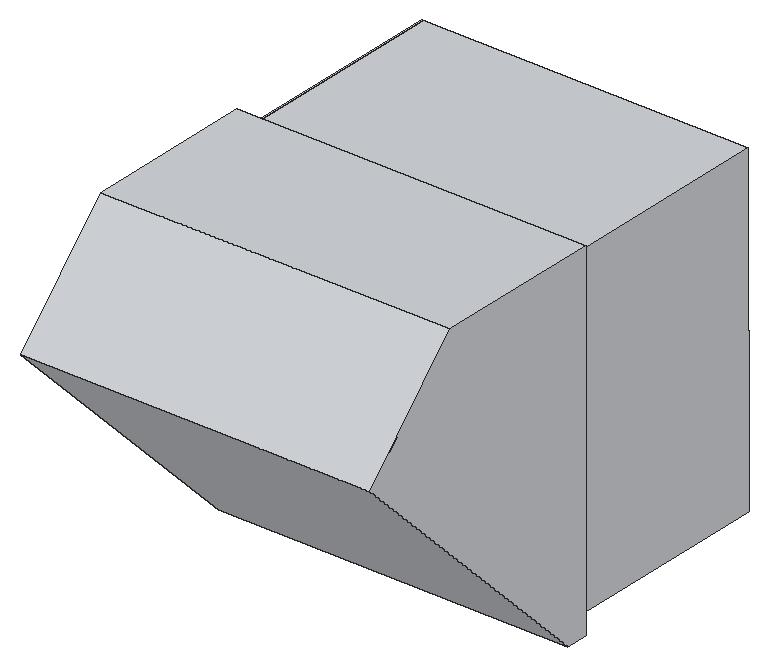
Revit family "APD_SUPPLY", category Mechanical Equipment, Revit 2019
Family settings
  Round Connector Dimension = Use Diameter
  Part Type = Normal
  Work Plane-Based = No
  Always vertical = Yes
  Cut with Voids When Loaded = No
  Shared = No
  Room Calculation Point = No
Parameters (values of type "36_APD_SUPPLY")
  WO_PAC = B_PAC + 0' 0 1/4"  # 3' - 7 1/4"
  WH_C = 4' - 1"
  WH_B/2 = WH_B / 2  # 1' - 11"
  WH_B = 3' - 10"
  WH_A = 2' - 11 11/16"
  WEATHER_HOOD [instance] = yes
  Unit Weight [instance] = ""
  Sones [instance] = ""
  SIZE/2 = SIZE / 2  # 1' - 6"
  SIZE = 3' - 0"
  Motor RPM [instance] = ""
  Motor Enclosure [instance] = ""
  ModelID [instance] = ""
  LwA [instance] = ""
  Fan RPM [instance] = ""
  D_PAC/2 = C + 0' 1"  # 0' - 8 3/8"
  D_PAC = 2' - 4 1/2"
  D/2 = D / 2  # 0' - 1 1/2"
  D = 0' - 3"
  C_PAC/2 = C_PAC / 2  # 1' - 7 3/4"
  C_PAC = 3' - 3 1/2"
  C/2 = C / 2  # 0' - 3 11/16"
  C = 0' - 7 3/8"
  B_PAC/2 = B_PAC / 2  # 1' - 9 1/2"
  B_PAC = 3' - 7"
  B/2 = B / 2  # 0' - 11"
  B = 1' - 10"
  Accessories [instance] = ""
  A_PAC/2 = A_PAC / 2  # 1' - 10 3/4"
  A_PAC = 3' - 9 1/2"
  A/7 = A / 7  # 0' - 6.02679"
  A/3.5 = A / 3.5  # 1' - 0.05357"
  A/2 = A / 2  # 1' - 9 3/32"
  A = 3' - 6 3/16"
  90 = 90.00°  # constant formula
  9" = 0' - 9"  # constant formula
  3" = 0' - 3"  # constant formula
  Brake Hp [instance] = ""
  4" = 0' - 4"  # constant formula
  2' = 2' - 0"
  2" = 0' - 2"  # constant formula
  135 = 135.00°  # constant formula
  1" = 0' - 1"  # constant formula
  0 = 0' - 0"  # constant formula
  Voltage [instance] = 0 V
  URL = "www.lorencook.com"
  Type Comments = "Axia-Pac Wall Supply Fan Cast Aluminum Propeller Direct Drive"  # constant formula
  Static Pressure [instance] = 0.00 in-wg
  Power [instance] = Voltage * Motor FLA * sqrt(if(Phase = 3, 3, 1))  # 0 VA
  Phase [instance] = 0
  Number of Poles [instance] = 1
  Motor Hp [instance] = "0"
  Motor FLA [instance] = 0 A
  Model = "APD-Supply"  # constant formula
  Manufacturer = "Loren Cook Company"
  CFM [instance] = 0 CFM
  1.5 = 0' - 1 1/2"  # constant formula
  HALF = 0' - 0 1/2"  # constant formula
  ONE EIGTH = 0' - 0 1/8"  # constant formula
  -WH_B/2 = -WH_B / 2  # -1' - 11"
  -D_PAC/2 = -D_PAC + 0' 1" + C  # -1' - 8 1/8"
  -D = -D  # -0' - 3"
  -C/2 = -C / 2  # -0' - 3 11/16"
  -B+1" = -B + 0' 1"  # -1' - 9"
  -B = -B  # -1' - 10"
  -((SIZE/2)-.25") = -((SIZE / 2) - 0' 0 1/4")  # -1' - 5 3/4"
  -((A/2)-C-.5") = -((A / 2) - C - 0' 0 1/2")  # -1' - 1 7/32"
  (SIZE/2)-.25" = (SIZE / 2) - 0' 0 1/4"  # 1' - 5 3/4"
  (A/2)-C-.5" = (A / 2) - C - 0' 0 1/2"  # 1' - 1 7/32"
  (A/2)-1" = (A / 2) - 0' 0 1/4"  # 1' - 8 27/32"
Types (7): name | WO_PAC | WH_C | WH_B/2 | WH_B | WH_A | SIZE/2 | SIZE | D_PAC/2 | D_PAC | D/2 | D | C_PAC/2 | C_PAC | C/2 | C | B_PAC/2 | B_PAC | B/2 | B | A_PAC/2 | A_PAC | A/7 | A/3.5 | A/2 | A | -WH_B/2 | -D_PAC/2 | -D | -C/2 | -B+1" | -B | -((SIZE/2)-.25") | -((A/2)-C-.5") | (SIZE/2)-.25" | (A/2)-C-.5" | (A/2)-1"
  (no name) | 3' - 7 1/4" | 4' - 1" | 1' - 11" | 3' - 10" | 2' - 11 11/16" | 1' - 6" | 3' - 0" | 0' - 8 3/8" | 2' - 4 1/2" | 0' - 1 1/2" | 0' - 3" | 1' - 7 3/4" | 3' - 3 1/2" | 0' - 3 11/16" | 0' - 7 3/8" | 1' - 9 1/2" | 3' - 7" | 0' - 11" | 1' - 10" | 1' - 10 3/4" | 3' - 9 1/2" | 0' - 6.02679" | 1' - 0.05357" | 1' - 9 3/32" | 3' - 6 3/16" | -1' - 11" | -1' - 8 1/8" | -0' - 3" | -0' - 3 11/16" | -1' - 9" | -1' - 10" | -1' - 5 3/4" | -1' - 1 7/32" | 1' - 5 3/4" | 1' - 1 7/32" | 1' - 8 27/32"
  12_APD_SUPPLY | 1' - 5 1/4" | 2' - 1" | 0' - 11" | 1' - 10" | 1' - 6 11/16" | 0' - 6" | 1' - 0" | 0' - 4 1/4" | 1' - 5 3/4" | 0' - 1" | 0' - 2" | 0' - 7" | 1' - 2" | 0' - 1 5/8" | 0' - 3 1/4" | 0' - 8 1/2" | 1' - 5" | 0' - 7 11/16" | 1' - 3 3/8" | 0' - 9 3/4" | 1' - 7 1/2" | 0' - 2 5/16" | 0' - 4 5/8" | 0' - 8 3/32" | 1' - 4 3/16" | -0' - 11" | -1' - 1 1/2" | -0' - 2" | -0' - 1 5/8" | -1' - 2 3/8" | -1' - 3 3/8" | -0' - 5 3/4" | -0' - 4 11/32" | 0' - 5 3/4" | 0' - 4 11/32" | 0' - 7 27/32"
  16_APD_SUPPLY | 1' - 9 1/4" | 2' - 5" | 1' - 1" | 2' - 2" | 1' - 9 11/16" | 0' - 8" | 1' - 4" | 0' - 5 1/2" | 1' - 10 1/8" | 0' - 1" | 0' - 2" | 0' - 9" | 1' - 6" | 0' - 2 1/4" | 0' - 4 1/2" | 0' - 10 1/2" | 1' - 9" | 0' - 7 1/16" | 1' - 2 1/8" | 0' - 11 3/4" | 1' - 11 1/2" | 0' - 2.88393" | 0' - 5.76786" | 0' - 10 3/32" | 1' - 8 3/16" | -1' - 1" | -1' - 4 5/8" | -0' - 2" | -0' - 2 1/4" | -1' - 1 1/8" | -1' - 2 1/8" | -0' - 7 3/4" | -0' - 5 3/32" | 0' - 7 3/4" | 0' - 5 3/32" | 0' - 9 27/32"
  20_APD_SUPPLY | 2' - 1 1/4" | 2' - 9" | 1' - 3" | 2' - 6" | 2' - 0 3/8" | 0' - 10" | 1' - 8" | 0' - 6 1/4" | 1' - 11 1/8" | 0' - 1" | 0' - 2" | 0' - 11" | 1' - 10" | 0' - 2 5/8" | 0' - 5 1/4" | 1' - 0 1/2" | 2' - 1" | 0' - 7 1/16" | 1' - 2 1/8" | 1' - 1 3/4" | 2' - 3 1/2" | 0' - 3.45536" | 0' - 6.91071" | 1' - 0 3/32" | 2' - 0 3/16" | -1' - 3" | -1' - 4 7/8" | -0' - 2" | -0' - 2 5/8" | -1' - 1 1/8" | -1' - 2 1/8" | -0' - 9 3/4" | -0' - 6 11/32" | 0' - 9 3/4" | 0' - 6 11/32" | 0' - 11 27/32"
  24_APD_SUPPLY | 2' - 7 1/4" | 3' - 1" | 1' - 5" | 2' - 10" | 2' - 3 1/8" | 1' - 0" | 2' - 0" | 0' - 7 3/4" | 1' - 11 1/8" | 0' - 1" | 0' - 2" | 1' - 1 3/4" | 2' - 3 1/2" | 0' - 3 3/8" | 0' - 6 3/4" | 1' - 3 1/2" | 2' - 7" | 0' - 7 5/16" | 1' - 2 5/8" | 1' - 4 3/4" | 2' - 9 1/2" | 0' - 4 5/16" | 0' - 8 5/8" | 1' - 3 3/32" | 2' - 6 3/16" | -1' - 5" | -1' - 3 3/8" | -0' - 2" | -0' - 3 3/8" | -1' - 1 5/8" | -1' - 2 5/8" | -0' - 11 3/4" | -0' - 7 27/32" | 0' - 11 3/4" | 0' - 7 27/32" | 1' - 2 27/32"
  30_APD_SUPPLY | 3' - 1 1/4" | 3' - 7" | 1' - 8" | 3' - 4" | 2' - 7 7/16" | 1' - 3" | 2' - 6" | 0' - 7 3/4" | 2' - 0 1/2" | 0' - 1 1/2" | 0' - 3" | 1' - 4 3/4" | 2' - 9 1/2" | 0' - 3 3/8" | 0' - 6 3/4" | 1' - 6 1/2" | 3' - 1" | 0' - 7 5/16" | 1' - 2 5/8" | 1' - 7 3/4" | 3' - 3 1/2" | 0' - 5.16964" | 0' - 10.33929" | 1' - 6 3/32" | 3' - 0 3/16" | -1' - 8" | -1' - 4 3/4" | -0' - 3" | -0' - 3 3/8" | -1' - 1 5/8" | -1' - 2 5/8" | -1' - 2 3/4" | -0' - 10 27/32" | 1' - 2 3/4" | 0' - 10 27/32" | 1' - 5 27/32"
  36_APD_SUPPLY | 3' - 7 1/4" | 4' - 1" | 1' - 11" | 3' - 10" | 2' - 11 11/16" | 1' - 6" | 3' - 0" | 0' - 8 3/8" | 2' - 4 1/2" | 0' - 1 1/2" | 0' - 3" | 1' - 7 3/4" | 3' - 3 1/2" | 0' - 3 11/16" | 0' - 7 3/8" | 1' - 9 1/2" | 3' - 7" | 0' - 11" | 1' - 10" | 1' - 10 3/4" | 3' - 9 1/2" | 0' - 6.02679" | 1' - 0.05357" | 1' - 9 3/32" | 3' - 6 3/16" | -1' - 11" | -1' - 8 1/8" | -0' - 3" | -0' - 3 11/16" | -1' - 9" | -1' - 10" | -1' - 5 3/4" | -1' - 1 7/32" | 1' - 5 3/4" | 1' - 1 7/32" | 1' - 8 27/32"
Reference planes (in)
  plane 1 "Center (Front/Back)": y = 0
  plane 2: z = 0
  plane 3 "Center (Left/Right)": x = 0.40541
Forms (in)
  Revolve 1, solid
    sketch origin (0.40541, 0, 0) x (0, 1, 0) y (0, 0, 1)
      loop
        line (-4.6875, 3.6875) -> (-4.6875, 0) -> (-3.6875, 0) -> (-3.6875, 3.6875) -> (-4.6875, 3.6875)
      axis (-4.6875, 0) -> (-3.6875, 0)
    angle from 0 to 360
  Extrusion 2, solid
    sketch origin (0.40541, 0, 0) x (0, 1, 0) y (0, 0, 1)
      loop
        line (0, -3.6875) -> (-7.375, 3.6875) -> (-7.46339, 3.59911) -> (-0.08839, -3.77589) -> (0, -3.6875)
    from 30 to 3.6875 <- "C/2"
  Extrusion 3, solid
    sketch origin (0.40541, 0, 0) x (0, 1, 0) y (-1, 0, 0)
      loop
        line (0, -3.6875) -> (-7.375, 3.6875) -> (-7.46339, 3.59911) -> (-0.08839, -3.77589) -> (0, -3.6875)
    from 30 to 3.6875 <- "C/2"
  Extrusion 4, solid
    sketch origin (0.40541, 0, 0) x (0, 1, 0) y (0, 0, -1)
      loop
        line (0, -3.6875) -> (-7.375, 3.6875) -> (-7.46339, 3.59911) -> (-0.08839, -3.77589) -> (0, -3.6875)
    from 30 to 3.6875 <- "C/2"
  Extrusion 5, solid
    sketch origin (0.40541, 0, 0) x (1, 0, 0) y (0, 1, 0)
      loop
        line (-3.6875, 0) -> (-3.77589, -0.08839) -> (3.59911, -7.46339) -> (3.6875, -7.375) -> (-3.6875, 0)
    from -30 to -3.6875 <- "-C/2"
  Extrusion 6, void
    sketch origin (0, 0, 0) x (1, 0, 0) y (0, 0, 1)
      loop
        circle (0.40541, 0) r 17.75
      loop
        circle (0.40541, 0) r 40
    from 0 to 9 <- "9""
  Extrusion 7, solid
    sketch origin (0, 0, 0) x (1, 0, 0) y (0, 0, 1)
      loop
        line (-20.68834, 21.09375) -> (-20.68834, -21.09375) -> (21.49916, -21.09375) -> (21.49916, 21.09375) -> (-20.68834, 21.09375)
      loop
        circle (0.40541, 0) r 20.84375
    from 0 to -0.125
  Extrusion 8, solid
    sketch origin (0, 0, 0) x (1, 0, 0) y (0, 0, 1)
      loop
        line (-20.68834, 21.09375) -> (-20.68834, -21.09375) -> (21.49916, -21.09375) -> (21.49916, 21.09375) -> (-20.68834, 21.09375)
      loop
        line (21.37416, -20.96875) -> (21.37416, 20.96875) -> (-20.56334, 20.96875) -> (-20.56334, -20.96875) -> (21.37416, -20.96875)
    from 0 to -3 <- "-D"
  Extrusion 9, solid
    sketch origin (0, 0, 0) x (1, 0, 0) y (0, 0, 1)
      loop
        circle (0.40541, 0) r 6.02679
    from 0 to -21 <- "-B+1""
  Extrusion 10, solid
    sketch origin (0, 0, 0) x (1, 0, 0) y (0, 0, 1)
      loop
        line (-11.64816, -6.02679) -> (-11.64816, -7.52679) -> (12.45898, -7.52679) -> (12.45898, -6.02679) -> (-11.64816, -6.02679)
    from 0 to -22 <- "-B"
  Sweep 11, solid
    path origin (0.40541, 0, 0) x (0, 1, 0) y (0, 0, 1)
      loop
        line (0.125, 19.96875) -> (17, 19.96875)
        arc (17, 19.96875) -> (19.12132, 19.09007) -> (20, 16.96875) r 3
        line (20, 16.96875) -> (20, -16.96875)
        arc (20, -16.96875) -> (19.12132, -19.09007) -> (17, -19.96875) r 3
        line (17, -19.96875) -> (0.125, -19.96875)
    profile origin (0.40541, 8.5625, 19.96875) x (0, 0, 1) y (1, 0, 0)
      loop
        circle (0, -12.55357) r 0.5
      loop
        circle (0, 12.55357) r 0.5
  Revolve 12, solid
    sketch origin (0.40541, 0, 0) x (0, 1, 0) y (0, 0, 1)
      loop
        line (0, 20.84375) -> (-7.375, 18) -> (0, 18) -> (0, 20.84375)
      axis (-7.375, 0) -> (0, 0)
    angle from 0 to 360
  Extrusion 13, solid
    sketch origin (0, 0, 0) x (1, 0, 0) y (0, 0, 1)
      loop
        line (-20.96959, 21.375) -> (-20.96959, -21.375) -> (21.78041, -21.375) -> (21.78041, 21.375) -> (-20.96959, 21.375)
      loop
        line (21.90541, -21.5) -> (21.90541, 21.5) -> (-21.09459, 21.5) -> (-21.09459, -21.5) -> (21.90541, -21.5)
    from -20.125 <- "-D_PAC/2" to 8.375 <- "D_PAC/2"
  Extrusion 14, solid
    sketch origin (0, -8.375, 0) x (1, 0, 0) y (0, 0, 1)
      loop
        line (-19.34459, 19.75) -> (-19.34459, -19.75) -> (20.15541, -19.75) -> (20.15541, 19.75) -> (-19.34459, 19.75)
      loop
        line (23.15541, -22.75) -> (23.15541, 22.75) -> (-22.34459, 22.75) -> (-22.34459, -22.75) -> (23.15541, -22.75)
    from 0 to 0.125
  Extrusion 15, solid
    sketch origin (0, -8.5, 0) x (1, 0, 0) y (0, 0, 1)
      loop
        line (-17.34459, 17.75) -> (-17.34459, -17.75) -> (18.15541, -17.75) -> (18.15541, 17.75) -> (-17.34459, 17.75)
      loop
        line (20.15541, -19.75) -> (20.15541, 19.75) -> (-19.34459, 19.75) -> (-19.34459, -19.75) -> (20.15541, -19.75)
    from 0 to 2
  Extrusion 16, solid, visible <- "WEATHER_HOOD"
    sketch origin (0.40541, 0, 0) x (0, 1, 0) y (0, 0, 1)
      loop
        line (-8.5, -23) -> (-8.5, 23) -> (-30.875, 23) -> (-44.1875, 9.6875) -> (-11.5, -23) -> (-8.5, -23)
    from -23 <- "-WH_B/2" to 23 <- "WH_B/2"
Cuts and joins
  Extrusion 6 cuts Revolve 1
  Extrusion 6 cuts Extrusion 2
  Extrusion 6 cuts Extrusion 3
  Extrusion 6 cuts Extrusion 4
  Extrusion 6 cuts Extrusion 5
Dimensions and locks (in)
  "0": Revolve 1 sketch curve to level  (x2)
  "C/2": Revolve 1 sketch curve to level
  "C/2": plane 1 "Center (Front/Back)" to Revolve 1 sketch curve
  "1"": Revolve 1 sketch curve to Revolve 1 sketch curve
  "0": Extrusion 2 sketch curve to plane 1 "Center (Front/Back)"
  "C": plane 1 "Center (Front/Back)" to Extrusion 2 sketch curve
  "C/2": Extrusion 2 sketch curve to level
  "C/2": level to Extrusion 2 sketch curve
  "ONE EIGTH": Extrusion 2 sketch curve to Extrusion 2 sketch curve
  "ONE EIGTH": Extrusion 3 sketch curve to Extrusion 3 sketch curve
  "ONE EIGTH": Extrusion 4 sketch curve to Extrusion 4 sketch curve
  "ONE EIGTH": Extrusion 5 sketch curve to Extrusion 5 sketch curve
  Extrusion 6 sketch curve to plane 3 "Center (Left/Right)" = 0' - 0"  (x2)
  level to Extrusion 6 sketch curve = 0' - 0"
  Extrusion 6 sketch curve to level = 0' - 0"
  "0": Extrusion 3 sketch curve to plane 1 "Center (Front/Back)"
  "C": Extrusion 3 sketch curve to plane 1 "Center (Front/Back)"
  "C/2": plane 3 "Center (Left/Right)" to Extrusion 3 sketch curve
  "C/2": Extrusion 3 sketch curve to plane 3 "Center (Left/Right)"
  "C": plane 1 "Center (Front/Back)" to Extrusion 4 sketch curve
  "0": Extrusion 4 sketch curve to plane 1 "Center (Front/Back)"
  "C/2": level to Extrusion 4 sketch curve
  "C/2": Extrusion 4 sketch curve to level
  "0": Extrusion 5 sketch curve to plane 1 "Center (Front/Back)"
  "C": Extrusion 5 sketch curve to plane 1 "Center (Front/Back)"
  "C/2": plane 3 "Center (Left/Right)" to Extrusion 5 sketch curve
  "C/2": Extrusion 5 sketch curve to plane 3 "Center (Left/Right)"
  "A/2": plane 3 "Center (Left/Right)" to Extrusion 7 sketch curve
  "A/2": Extrusion 7 sketch curve to plane 3 "Center (Left/Right)"
  "A/2": Extrusion 7 sketch curve to level
  "A/2": level to Extrusion 7 sketch curve
  "0": Extrusion 7 sketch curve to level
  "0": Extrusion 7 sketch curve to plane 3 "Center (Left/Right)"
  "ONE EIGTH": Extrusion 8 sketch curve to Extrusion 8 sketch curve  (x4)
  "A/2": plane 3 "Center (Left/Right)" to Extrusion 8 sketch curve  (x2)
  "A/2": level to Extrusion 8 sketch curve
  "A/2": Extrusion 8 sketch curve to level
  "0": Extrusion 9 sketch curve to level
  "0": Extrusion 9 sketch curve to plane 3 "Center (Left/Right)"
  "A/7": level to Extrusion 10 sketch curve
  "1.5": Extrusion 10 sketch curve to Extrusion 10 sketch curve
  "A/3.5": Extrusion 10 sketch curve to plane 3 "Center (Left/Right)"
  "A/3.5": plane 3 "Center (Left/Right)" to Extrusion 10 sketch curve
  "1"": Extrusion 9 to Sweep 11 sketch curve
  "ONE EIGTH": Sweep 11 sketch curve to plane 1 "Center (Front/Back)"  (x2)
  "1"": Extrusion 8 to Sweep 11 sketch curve  (x2)
  "0": Sweep 11 sketch curve to profile plane  (x2)
  "HALF": Sweep 11 sketch curve to Extrusion 10  (x2)
  "0": Revolve 12 sketch curve to plane 1 "Center (Front/Back)"
  "(A/2)-1"": Revolve 12 sketch curve to level
  "SIZE/2": Revolve 12 sketch curve to level
  "0": Revolve 12 sketch curve to level
  "C": plane 1 "Center (Front/Back)" to Revolve 12 sketch curve
  "ONE EIGTH": Extrusion 13 sketch curve to Extrusion 13 sketch curve  (x4)
  "B_PAC/2": level to Extrusion 13 sketch curve
  "B_PAC/2": Extrusion 13 sketch curve to level
  "B_PAC/2": plane 3 "Center (Left/Right)" to Extrusion 13 sketch curve  (x2)
  "C_PAC/2": Extrusion 14 sketch curve to level
  "C_PAC/2": level to Extrusion 14 sketch curve
  "A_PAC/2": level to Extrusion 14 sketch curve
  "A_PAC/2": Extrusion 14 sketch curve to level
  "A_PAC/2": plane 3 "Center (Left/Right)" to Extrusion 14 sketch curve
  "A_PAC/2": Extrusion 14 sketch curve to plane 3 "Center (Left/Right)"
  "C_PAC/2": plane 3 "Center (Left/Right)" to Extrusion 14 sketch curve  (x2)
  "2"": Extrusion 15 sketch curve to Extrusion 15 sketch curve  (x3)
  "C_PAC/2": Extrusion 15 sketch curve to level
  "C_PAC/2": level to Extrusion 15 sketch curve
  "C_PAC/2": plane 3 "Center (Left/Right)" to Extrusion 15 sketch curve
  "C_PAC/2": Extrusion 15 sketch curve to plane 3 "Center (Left/Right)"
  "2"": Extrusion 15 sketch curve to Extrusion 14
  "0": Extrusion 14 to Extrusion 16 sketch curve
  "3"": Extrusion 16 sketch curve to Extrusion 16 sketch curve
  "WH_A": Extrusion 16 sketch curve to Extrusion 16 sketch curve
  "WH_B/2": level to Extrusion 16 sketch curve  (x2)
  "(SIZE/2)-.25"": radius of Extrusion 6 sketch curve
  "(A/2)-1"": radius of Extrusion 7 sketch curve
  "A/7": radius of Extrusion 9 sketch curve
  "3"": radius of Sweep 11 sketch curve  (x2)
  "HALF": radius of Sweep 11 sketch curve  (x2)
  "90": angle Extrusion 16 sketch curve to Extrusion 16 sketch curve
  "135": angle Extrusion 16 sketch curve to Extrusion 16 sketch curve
Automatic sketch dimensions
  Revolve 1 sketch curve to plane 1 "Center (Front/Back)" = 0' - 0"
  Revolve 1 sketch curve to Revolve 1 sketch curve = 2' - 2"
  plane 1 "Center (Front/Back)" to Revolve 12 sketch curve = 0' - 1.80178"
  Revolve 12 sketch curve to Revolve 12 sketch curve = 0' - 1.44822"
  radius of Extrusion 6 sketch curve = 3' - 4"
Connectors (in)
  electrical at (0.40541, 21, 0)
    settings: on Extrusion 9, index 2, voltage 0 V, apparent load 0 VA, apparent load phase1 0 VA, apparent load phase2 0 VA, apparent load phase3 0 VA, power factor 1, load classification "Other", number of poles 1, system type 30, power factor state 1, is connector primary yes, connector utility no, sub classification motor no, connector description ""
  hvac at (0.40541, -10.5, 0), driven by "CFM", driven by "WO_PAC", driven by "WO_PAC"
    settings: on Extrusion 15, index 3, duct flow 0 CFM, flow factor 0, pres drop 0.00 in-wg, loss coef 0, conn angle 0.00°, conn width 43 1/4", conn height 43 1/4", conn diameter 24", duct sys type 1, conn prof type 1, flow config 0, flow direction 1, loss method 0, conn ref index -1, conn util no, is conn primary yes, conn desc ""
  hvac at (0.40541, 20.125, 0), driven by "CFM", driven by "WO_PAC", driven by "WO_PAC"
    settings: on Extrusion 13, index 4, duct flow 0 CFM, flow factor 0, pres drop 0.00 in-wg, loss coef 0, conn angle 0.00°, conn width 43 1/4", conn height 43 1/4", conn diameter 24", duct sys type 1, conn prof type 1, flow config 0, flow direction 2, loss method 0, conn ref index -1, conn util no, is conn primary no, conn desc ""
